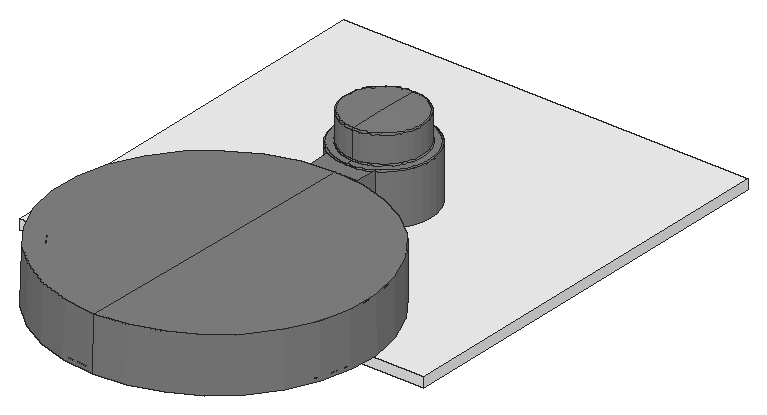
Revit family "BE_99401_de_DE", category Leuchten, Revit 2015
Parameters (values of type "BEGA_99401_Grafit_K3")
  built-in parameter 1150104 = 10.78 (stored number, unit not read)
  Windangriffsfläche = "0.03 m²"
  Werkzeuglos = ""
  Wattage = 21.2 W
  Default Elevation = 0 mm
  built-in parameter 1150113 = 1 (stored number, unit not read)
  built-in parameter 1114218 = 1 (stored number, unit not read)
  Umgebungstemperatur = "25 °C"
  URL = "http://www.bega.de/produkt/99401"
  Typenkommentare = "© 2016 BEGA. Wir behalten uns das Recht vor, technische Änderungen ohne vorherige Ankündigung vorzunehmen."  # constant formula
  Type Image = 99401.png
  built-in parameter 1150134 = (empty or 0)
  built-in parameter 1150109 = 1 (stored number, unit not read)
  Strom = ""
  built-in parameter 1150110 = 1 (stored number, unit not read)
  Spannung = 239.996 V
  Sonderanfertigung = no
  Seriennummer [instance] = "Hier können Sie die eindeutige Seriennummer für das Facility Management eintragen."
  Schutzklasse = "I"
  Schutzart = "IP 65"
  Scheinlast = 0 VA
  Produktdatenblatt = "http://www.bega.de/download/Xrfa/db/99401.db.de.pdf"
  Oberflächentemperatur = ""
  Neigungswinkel = 0.00°
  Modell = "99401K3"
  Material_17 = BEGA_Reflektor
  Material_15 = BEGA_Leuchtmedium_matt
  Material_11 = BEGA_Glas_opal
  Material_10 = BEGA_Glas_matt
  Material_09 = BEGA_Glas_klar
  Material_06 = BEGA_Oberfläche_Edelstahl_gebürstet
  Material_03 = BEGA_Oberfläche_Weiss_matt
  Material_02 = BEGA_Oberfläche_Silber_matt
  Material_01 [instance] = BEGA_Oberfläche_Grafit_matt
  Mastzopfhöhe_h = ""
  Mastzopfdurchmesser_d = ""
  Mastzopf_Ø [instance] = "76 mm"  # constant formula
  Masthöhe_H = ""
  Mastdurchmesser_unten_Ø = ""
  Mast Gruppe = ""
  M_W = no
  M_G = yes
  M_A = no
  Logo = 0
  built-in parameter 1114217 = 1 (stored number, unit not read)
  built-in parameter 1150139 = (empty or 0)
  built-in parameter 1150105 = 195.76 (stored number, unit not read)
  built-in parameter 1150114 = 1 (stored number, unit not read)
  Lumens = 2460.05 lm
  Lichtpunkthöhe [instance] = ""
  built-in parameter 1150115 = 1 (stored number, unit not read)
  Leuchtenlichtstrom = "1590 lm"
  Leuchtenanzahl = ""
  Lebensdauerkriterien = "L70 = 50.000 h"
  Lastklassifizierung = Beleuchtung
  built-in parameter 1150112 = 1 (stored number, unit not read)
  Lampenlichtstrom = "2460 lm"
  Lampe = "LED 21.2 W"
  LED_Modulbezeichnung = "4x LED-0299/830 "
  built-in parameter 1150142 = (empty or 0)
  Hersteller = "BEGA"  # constant formula
  Halbstreuwinkel = ""
  Gewicht = "3.95 kg"
  Frequenz = "0/50-60 Hz"
  Farbwiedergabeindex = "Ra > 80"
  Farbtemperaturverschiebung bei Dämpfen der Lampe = <Keine Auswahl>
  Farbtemperatur = "3000 K"
  Color Filter = 16777215
  Erdstücklänge_E = ""
  built-in parameter 1150133 = 10 (stored number, unit not read)
  Energieeffizienzklasse = "LED A++ - A"
  Einstecktiefe = "50 mm"
  built-in parameter 1150137 = (empty or 0)
  built-in parameter 1150132 = (empty or 0)
  Einbauöffnung = ""
  Einbautiefe = ""
  ENEC = "ja"
  Durchmesser_Fussplatte_D = ""
  Datei für fotometrisches Netz = "BE_99401K3.IES"
  CE_Konformität = "ja"
  Bestellnummer = "99401K3"
  Beschreibung_Sonderanfertigung = "Hier können Sie Informationen zur Sonderanfertigung eintragen."
  Beschreibung = "Aufsatzleuchte"
  built-in parameter 1150106 = 1.9576 (stored number, unit not read)
  Befestigungsbohrung = ""
  Befestigungsabstand = ""
  BEGA_Intern_aus = yes
  BEGA_Intern_an = yes
  BEGA_Intern_Konstruktion = yes
  BEGA_Intern = yes
  BEGA_IES3 = yes
  BEGA_IES2 = yes
  BEGA_IES1 = yes
  BEGA_IES = yes
  BEGA_Dummy = no
  Anschlussleitung = "5.0 m H05RN-F 3 × 1²"
  Anschlussleistung [instance] = "25.5 W"
  built-in parameter 1150107 = 3000 (stored number, unit not read)
  built-in parameter 1150102 = (empty or 0)
  built-in parameter 1150138 = (empty or 0)
  Aktualisierung = "2016-10-11T04:14:01"
  Abstand_zur_angestrahlten_Fläche [instance] = ""
  AC/DC = "AC/DC"
Types (4, lengths in mm): name | built-in parameter 1150104 | Wattage | built-in parameter 1150134 | Modell | M_G | M_A | built-in parameter 1150105 | Lumens | Leuchtenlichtstrom | Lampenlichtstrom | LED_Modulbezeichnung | Farbtemperatur | Datei für fotometrisches Netz | Bestellnummer | built-in parameter 1150106 | built-in parameter 1150107
  BEGA_99401_Grafit_K3 | 10.78 (stored number, unit not read) | 21.2 W | (empty or 0) | "99401K3" | yes | no | 195.76 (stored number, unit not read) | 2460.05 lm | "1590 lm" | "2460 lm" | "4x LED-0299/830 " | "3000 K" | "BE_99401K3.IES" | "99401K3" | 1.9576 (stored number, unit not read) | 3000 (stored number, unit not read)
  BEGA_99401_Grafit_K4 | 11.569 (stored number, unit not read) | 21.2 W | 12 | "99401" | yes | no | 210.09 (stored number, unit not read) | 2640.04 lm | "1728 lm" | "2640 lm" | "4x LED-0299/840 " | "4000 K" | "BE_99401.IES" | "99401" | 2.1009 (stored number, unit not read) | 4000 (stored number, unit not read)
  BEGA_99401_Silber_K3 | 10.78 (stored number, unit not read) | 21.1 W | (empty or 0) | "99401AK3" | no | yes | 194.84 (stored number, unit not read) | 2448.44 lm | "1590 lm" | "2460 lm" | "4x LED-0299/830 " | "3000 K" | "BE_99401K3.IES" | "99401AK3" | 1.9484 (stored number, unit not read) | 3000 (stored number, unit not read)
  BEGA_99401_Silber_K4 | 11.569 (stored number, unit not read) | 21.2 W | 12 | "99401A" | no | yes | 210.09 (stored number, unit not read) | 2640.04 lm | "1728 lm" | "2640 lm" | "4x LED-0299/840 " | "4000 K" | "BE_99401.IES" | "99401A" | 2.1009 (stored number, unit not read) | 4000 (stored number, unit not read)
Reference planes
  plane 1 "Mitte (Vorne/Hinten)": y = 0
  plane 2: z = 0
  plane 3 "Mitte (Links/Rechts)": x = 0
  plane 4 "Links": x = -150.016
  plane 5 "Rechts": x = 150.016
  plane 6 "Unten": y = -359.989
  plane 7 "Oben": y = 46.5
  plane 8 "Vorne": z = 79.233
  plane 9 "Hinten": z = -20
Forms (mm)
  Extrusion 1, solid, material "BEGA_Platte_Weiss"
    sketch origin (0, -1119.2, 0) x (1, 0, 0) y (0, 1, 0)
      loop
        line (-200, 1319.2) -> (-200, 919.2) -> (200, 919.2) -> (200, 1319.2) -> (-200, 1319.2)
    from 0 to -10
  Extrusion 2, solid, material "BEGA_Dummy_matt", visible <- "BEGA_Dummy"
    sketch origin (80.095, -76.023, 0) x (1, 0, 0) y (0, 1, 0)
      loop
        line (-230.111, 122.523) -> (-230.111, -283.966) -> (69.92, -283.966) -> (69.92, 122.523) -> (-230.111, 122.523)
    from 0 to 79.233
Dimensions and locks
  plane 1 "Mitte (Vorne/Hinten)" to Extrusion 1 = 200 mm
  aligned and locked: plane 2 to Extrusion 1
  aligned and locked: level to Extrusion 1
Nested families
  nested 1: "BE_99401" at (0, -210.012, 0) x (0, 1, 0) z (0, 0, 1), type "BE_99401"
Connectors
  electrical at (0, 0, 0), driven by "Lastklassifizierung", driven by "Spannung", driven by "Scheinlast"
    settings: index 1, voltage 239.996 V, apparent load 0 VA, apparent load phase1 0 VA, apparent load phase2 0 VA, apparent load phase3 0 VA, power factor 1, load classification "Beleuchtung", number of poles 1, system type 31, power factor state 1, is connector primary yes, connector utility no, sub classification motor no, connector description ""
Definition of nested family "BE_99401"
  Parameters (values of type "BE_99401")
    Default Elevation = 1 mm
    URL = "http://www.bega.de/de/produkt"
    Type Comments = "© 2015 BEGA. Wir behalten uns das Recht vor, technische Änderungen ohne vorherige Ankündigung vorzunehmen. "  # constant formula
    Type Image = (empty or 0)
    Material_17 = none
    Material_15 = none
    Material_11 = none
    Material_10 = none
    Material_09 = none
    Material_06 = none
    Material_03 = none
    Material_02 = none
    Material_01 = none
    M_W = yes
    M_G = yes
    M_A = yes
    Länge_Platte = 600 mm  # constant formula
    Höhe_Platte = -10 mm  # constant formula
    Manufacturer = "BEGA"  # constant formula
    Breite_Platte = 400 mm  # constant formula
  Reference planes
    plane 1 "Mitte (Oben/Unten)": y = 0
    plane 2: z = 0
    plane 3 "Mitte (Links/Rechts)": x = 0
    plane 4 "Vorne": z = 79.233
    plane 5 "Hinten": z = -19.426
    plane 6 "Unten": y = -150.016
    plane 7: x = -149.977
    plane 8: x = 256.512
    plane 9: y = 150.016
  Forms (mm)
    Extrusion 1, solid, detail levels medium
      sketch origin (0, 0, 0) x (1, 0, 0) y (0, 1, 0)
        loop
          line (-300, 200) -> (-300, -200) -> (300, -200) -> (300, 200) -> (-300, 200)
      from 0 to -10 <- "Höhe_Platte"
    Revolve 2, solid, material <- "Material_01", visible <- "M_G", detail levels medium+fine
      sketch origin (0, 0, 0) x (0.999848, 0, -0.017452) y (0.017452, 0, 0.999848)
        loop
          line (-150, 0) -> (-146.753, 0) -> (-146.425, 18.8) -> (-131.5, 18.8) -> (-131.02, 46.3) -> (0, 46.3) -> (0, 53) -> (-149.075, 53) -> (-150, 0)
        axis (0, 53) -> (0, 0)
      angle from 0 to 360
    Revolve 3, solid, material <- "Material_01", visible <- "M_G", detail levels medium+fine
      sketch origin (0, 0, 0) x (0.999848, 0, -0.017452) y (0.017452, 0, 0.999848)
        loop
          line (146.087, 8.3) -> (128.675, 8.3) -> (128.493, 3.1) -> (124.364, 3.1) -> (124.45, 1.447)
          arc (124.45, 1.447) -> (124.762, 0.773) -> (125.452, 0.5) r 1
          line (125.452, 0.5) -> (144.848, 0.5)
          arc (144.848, 0.5) -> (145.543, 0.78) -> (145.849, 1.465) r 1
          line (145.849, 1.465) -> (146.087, 8.3)
        axis (0, 0.5) -> (0, 8.3)
      angle from 0 to 360
    Revolve 4, solid, material <- "Material_10", detail levels medium+fine
      sketch origin (0, 0, 0) x (0.999848, 0, -0.017452) y (0.017452, 0, 0.999848)
        loop
          line (-128, 7.4) -> (-128, 3.4) -> (0, 3.4) -> (0, 7.4) -> (-128, 7.4)
        axis (0, 7.4) -> (0, 3.4)
      angle from 0 to 360
    Revolve 5, solid, material <- "Material_01", visible <- "M_G", detail levels medium+fine
      sketch origin (0, 0, 0) x (0.999848, 0, -0.017452) y (0.017452, 0, 0.999848)
        loop
          line (256.812, -14.947) -> (255.607, 54.077)
          arc (255.607, 54.077) -> (255.315, 54.766) -> (254.626, 55.06) r 1
          line (254.626, 55.06) -> (248.051, 55.174)
          arc (248.051, 55.174) -> (247.362, 55.467) -> (247.07, 56.157) r 1
          line (247.07, 56.157) -> (246.62, 81.908)
          arc (246.62, 81.908) -> (246.321, 82.603) -> (245.62, 82.89) r 1
          line (245.62, 82.89) -> (208.597, 82.89) -> (208.659, 79.349) -> (239.682, 79.89)
          arc (239.682, 79.89) -> (241.06, 79.34) -> (241.68, 77.992) r 2
          line (241.68, 77.992) -> (243.157, 49.791)
          arc (243.157, 49.791) -> (243.474, 49.111) -> (244.174, 48.843) r 1
          line (244.174, 48.843) -> (246.714, 48.887)
          arc (246.714, 48.887) -> (247.419, 48.613) -> (247.731, 47.923) r 1
          line (247.731, 47.923) -> (249.93, -15.067) -> (256.812, -14.947)
        axis (208.597, 82.89) -> (210.319, -15.758)
      angle from 0 to 360
    Extrusion 6, solid, material <- "Material_01", visible <- "M_G", detail levels medium+fine
      sketch origin (0, 0, 0) x (0.999848, 0, -0.017452) y (0, 1, 0)
        loop
          arc (147.345, 22.644) -> (148.642, 11.355) -> (149.075, 0) r 149.075
          arc (149.075, 0) -> (148.642, -11.355) -> (147.345, -22.644) r 149.075
          line (147.345, -22.644) -> (170.134, -23.439)
          arc (170.134, -23.439) -> (163.797, 0) -> (170.134, 23.439) r 46.522
          line (170.134, 23.439) -> (147.345, 22.644)
      from 1.885 to 53
    Revolve 7, void
      sketch origin (-0.146, 0, -8.367) x (0.999848, 0, -0.017452) y (0, 1, 0)
        loop
          line (210.319, -37.973) -> (206.13, -37.973) -> (206.13, -47.514) -> (210.319, -47.514) -> (210.319, -37.973)
        axis (210.319, -47.514) -> (210.319, -37.973)
      angle from 0 to 360
    Revolve 8, void
      sketch origin (315.285, 182.142, -13.873) x (-0.499924, -0.866025, 0.008726) y (0.865894, -0.5, -0.015114)
        loop
          line (210.319, -37.973) -> (206.13, -37.973) -> (206.13, -47.514) -> (210.319, -47.514) -> (210.319, -37.973)
        axis (210.319, -47.514) -> (210.319, -37.973)
      angle from 0 to 360
    Revolve 9, void
      sketch origin (315.285, -182.142, -13.873) x (-0.499924, 0.866025, 0.008726) y (-0.865894, -0.5, 0.015114)
        loop
          line (210.319, -37.973) -> (206.13, -37.973) -> (206.13, -47.514) -> (210.319, -47.514) -> (210.319, -37.973)
        axis (210.319, -47.514) -> (210.319, -37.973)
      angle from 0 to 360
    Extrusion 10, solid, material <- "Material_06", detail levels fine
      sketch origin (0, 0, 0) x (0.999848, 0, -0.017452) y (0.017452, 0, 0.999848)
        loop
          circle (210.319, -8.368) r 4
      from 37.828 to 46.437
    Extrusion 11, solid, material <- "Material_06", detail levels fine
      sketch origin (315.431, 182.142, -5.506) x (-0.499924, -0.866025, 0.008726) y (0.017452, 0, 0.999848)
        loop
          circle (210.319, -8.368) r 4
      from 37.828 to 46.437
    Extrusion 12, solid, material <- "Material_06", detail levels fine
      sketch origin (315.431, -182.142, -5.506) x (-0.499924, 0.866025, 0.008726) y (0.017452, 0, 0.999848)
        loop
          circle (210.319, -8.368) r 4
      from 37.828 to 46.437
    Revolve 13, void
      sketch origin (0, 0, 0) x (0.999848, 0, -0.017452) y (0.017452, 0, 0.999848)
        loop
          line (-135.5, 0.3) -> (-135.5, 3.748) -> (-140.262, 3.748) -> (-140.262, 0.3) -> (-135.5, 0.3)
        axis (-135.5, 3.748) -> (-135.5, 0.3)
      angle from 0 to 360
    Revolve 14, void
      sketch origin (0, 0, 0) x (-0.499924, -0.866025, 0.008726) y (0.017452, 0, 0.999848)
        loop
          line (-135.5, 0.3) -> (-135.5, 3.748) -> (-140.262, 3.748) -> (-140.262, 0.3) -> (-135.5, 0.3)
        axis (-135.5, 3.748) -> (-135.5, 0.3)
      angle from 0 to 360
    Revolve 15, void
      sketch origin (0, 0, 0) x (-0.499924, 0.866025, 0.008726) y (0.017452, 0, 0.999848)
        loop
          line (-135.5, 0.3) -> (-135.5, 3.748) -> (-140.262, 3.748) -> (-140.262, 0.3) -> (-135.5, 0.3)
        axis (-135.5, 3.748) -> (-135.5, 0.3)
      angle from 0 to 360
    Revolve 16, solid, material <- "Material_06", detail levels fine
      sketch origin (0, 0, 0) x (0.999848, 0, -0.017452) y (0.017452, 0, 0.999848)
        loop
          line (-135.5, 3.748) -> (-139.75, 3.748) -> (-139.75, 0.3) -> (-135.5, 0.3) -> (-135.5, 3.748)
        axis (-135.5, 3.748) -> (-135.5, 0.3)
      angle from 0 to 360
    Revolve 17, solid, material <- "Material_06", detail levels fine
      sketch origin (0, 0, 0) x (-0.499924, -0.866025, 0.008726) y (0.017452, 0, 0.999848)
        loop
          line (-135.5, 3.748) -> (-139.75, 3.748) -> (-139.75, 0.3) -> (-135.5, 0.3) -> (-135.5, 3.748)
        axis (-135.5, 3.748) -> (-135.5, 0.3)
      angle from 0 to 360
    Revolve 18, solid, material <- "Material_06", detail levels fine
      sketch origin (0, 0, 0) x (-0.499924, 0.866025, 0.008726) y (0.017452, 0, 0.999848)
        loop
          line (-135.5, 3.748) -> (-139.75, 3.748) -> (-139.75, 0.3) -> (-135.5, 0.3) -> (-135.5, 3.748)
        axis (-135.5, 3.748) -> (-135.5, 0.3)
      angle from 0 to 360
    Revolve 19, solid, material <- "Material_02", visible <- "M_A", detail levels medium+fine
      sketch origin (0, 0, 0) x (0.999848, 0, -0.017452) y (0.017452, 0, 0.999848)
        loop
          line (-150, 0) -> (-146.753, 0) -> (-146.425, 18.8) -> (-131.5, 18.8) -> (-131.02, 46.3) -> (0, 46.3) -> (0, 53) -> (-149.075, 53) -> (-150, 0)
        axis (0, 53) -> (0, 0)
      angle from 0 to 360
    Revolve 20, solid, material <- "Material_02", visible <- "M_A", detail levels medium+fine
      sketch origin (0, 0, 0) x (0.999848, 0, -0.017452) y (0.017452, 0, 0.999848)
        loop
          line (146.087, 8.3) -> (128.675, 8.3) -> (128.493, 3.1) -> (124.364, 3.1) -> (124.45, 1.447)
          arc (124.45, 1.447) -> (124.762, 0.773) -> (125.452, 0.5) r 1
          line (125.452, 0.5) -> (144.848, 0.5)
          arc (144.848, 0.5) -> (145.543, 0.78) -> (145.849, 1.465) r 1
          line (145.849, 1.465) -> (146.087, 8.3)
        axis (0, 0.5) -> (0, 8.3)
      angle from 0 to 360
    Revolve 21, solid, material <- "Material_02", visible <- "M_A", detail levels medium+fine
      sketch origin (0, 0, 0) x (0.999848, 0, -0.017452) y (0.017452, 0, 0.999848)
        loop
          line (256.812, -14.947) -> (255.607, 54.077)
          arc (255.607, 54.077) -> (255.315, 54.766) -> (254.626, 55.06) r 1
          line (254.626, 55.06) -> (248.051, 55.174)
          arc (248.051, 55.174) -> (247.362, 55.467) -> (247.07, 56.157) r 1
          line (247.07, 56.157) -> (246.62, 81.908)
          arc (246.62, 81.908) -> (246.321, 82.603) -> (245.62, 82.89) r 1
          line (245.62, 82.89) -> (208.597, 82.89) -> (208.659, 79.349) -> (239.682, 79.89)
          arc (239.682, 79.89) -> (241.06, 79.34) -> (241.68, 77.992) r 2
          line (241.68, 77.992) -> (243.157, 49.791)
          arc (243.157, 49.791) -> (243.474, 49.111) -> (244.174, 48.843) r 1
          line (244.174, 48.843) -> (246.714, 48.887)
          arc (246.714, 48.887) -> (247.419, 48.613) -> (247.731, 47.923) r 1
          line (247.731, 47.923) -> (249.93, -15.067) -> (256.812, -14.947)
        axis (208.597, 82.89) -> (210.319, -15.758)
      angle from 0 to 360
    Extrusion 22, solid, material <- "Material_02", visible <- "M_A", detail levels medium+fine
      sketch origin (0, 0, 0) x (0.999848, 0, -0.017452) y (0, 1, 0)
        loop
          arc (147.345, 22.644) -> (148.642, 11.355) -> (149.075, 0) r 149.075
          arc (149.075, 0) -> (148.642, -11.355) -> (147.345, -22.644) r 149.075
          line (147.345, -22.644) -> (170.134, -23.439)
          arc (170.134, -23.439) -> (163.797, 0) -> (170.134, 23.439) r 46.522
          line (170.134, 23.439) -> (147.345, 22.644)
      from 1.885 to 53
  Cuts and joins
    Revolve 7, Revolve 8, Revolve 9 cuts Revolve 5
    Revolve 7, Revolve 8, Revolve 9 cuts Extrusion 6
    joined: Revolve 5, Extrusion 6
    Revolve 13, Revolve 14, Revolve 15 cuts Revolve 3
    Revolve 13, Revolve 14, Revolve 15 cuts Revolve 20
    Revolve 7, Revolve 8, Revolve 9 cuts Revolve 21
    joined: Revolve 21, Extrusion 22
  Dimensions and locks
    equal spacing: Extrusion 1 sketch curve, plane 3 "Mitte (Links/Rechts)", Extrusion 1 sketch curve
    equal spacing: Extrusion 1 sketch curve, plane 1 "Mitte (Oben/Unten)", Extrusion 1 sketch curve
    "Länge_Platte": Extrusion 1 sketch curve to Extrusion 1 sketch curve
    "Breite_Platte": Extrusion 1 sketch curve to Extrusion 1 sketch curve
    aligned and locked: Extrusion 1 to plane 2
    aligned and locked: level to Extrusion 1
  Automatic sketch dimensions
    level to Revolve 2 sketch curve = 2.618 mm
    Revolve 2 sketch curve to Revolve 2 sketch curve = 0.925 mm
    Revolve 2 sketch curve to Revolve 2 sketch curve = 3.247 mm
    Revolve 2 sketch curve to Revolve 2 sketch curve = 0.328 mm
    Revolve 2 sketch curve to Revolve 2 sketch curve = 14.925 mm
    Revolve 2 sketch curve to Revolve 2 sketch curve = 18.055 mm
    Revolve 2 sketch curve to Revolve 2 sketch curve = 131.02 mm
    Revolve 2 sketch curve to Revolve 2 sketch curve = 18.8 mm
    Revolve 2 sketch curve to Revolve 2 sketch curve = 0 mm  (x3)
    Revolve 2 sketch curve to Revolve 2 sketch curve = 27.5 mm
    Revolve 2 sketch curve to Revolve 2 sketch curve = 6.7 mm  (x2)
    Revolve 2 sketch curve to Revolve 2 sketch curve = 9.349 mm
    Revolve 2 sketch curve to Revolve 2 sketch curve = 10.677 mm
    level to Revolve 3 sketch curve = 0.929 mm
    Revolve 3 sketch curve to Revolve 3 sketch curve = 0.087 mm
    Revolve 3 sketch curve to Revolve 3 sketch curve = 0.999 mm  (x2)
    Revolve 3 sketch curve to Revolve 3 sketch curve = 0.003 mm
    Revolve 3 sketch curve to Revolve 3 sketch curve = 3.044 mm
    Revolve 3 sketch curve to Revolve 3 sketch curve = 0.182 mm
    Revolve 3 sketch curve to Revolve 3 sketch curve = 16.355 mm
    Revolve 3 sketch curve to Revolve 3 sketch curve = 0.001 mm
    Revolve 3 sketch curve to Revolve 3 sketch curve = 1.238 mm
    Revolve 3 sketch curve to Revolve 3 sketch curve = 1.6 mm  (x2)
    Revolve 3 sketch curve to Revolve 3 sketch curve = 0 mm  (x3)
    Revolve 3 sketch curve to Revolve 3 sketch curve = 0.053 mm
    Revolve 3 sketch curve to Revolve 3 sketch curve = 1 mm
    Revolve 3 sketch curve to Revolve 3 sketch curve = 5.2 mm
    Revolve 3 sketch curve to Revolve 3 sketch curve = 124.364 mm
    Revolve 3 sketch curve to Revolve 3 sketch curve = 5 mm
    Revolve 3 sketch curve to Revolve 3 sketch curve = 20.7 mm
    level to Revolve 4 sketch curve = 5.633 mm
    Revolve 4 sketch curve to Revolve 4 sketch curve = 0 mm  (x3)
    Revolve 4 sketch curve to Revolve 4 sketch curve = 128 mm
    Revolve 4 sketch curve to Revolve 4 sketch curve = 4 mm  (x2)
    Revolve 4 sketch curve to Revolve 4 sketch curve = 5.591 mm
    Revolve 4 sketch curve to Revolve 4 sketch curve = 1.69 mm
    level to Revolve 5 sketch curve = 79.237 mm
    Revolve 5 sketch curve to Revolve 5 sketch curve = 0.062 mm
    Revolve 5 sketch curve to Revolve 5 sketch curve = 31.023 mm
    Revolve 5 sketch curve to Revolve 5 sketch curve = 0 mm  (x8)
    Revolve 5 sketch curve to Revolve 5 sketch curve = 1.997 mm
    Revolve 5 sketch curve to Revolve 5 sketch curve = 1.478 mm
    Revolve 5 sketch curve to Revolve 5 sketch curve = 0.999 mm  (x2)
    Revolve 5 sketch curve to Revolve 5 sketch curve = 0.017 mm  (x4)
    Revolve 5 sketch curve to Revolve 5 sketch curve = 3.941 mm
    Revolve 5 sketch curve to Revolve 5 sketch curve = 1 mm  (x3)
    Revolve 5 sketch curve to Revolve 5 sketch curve = 2.54 mm
    Revolve 5 sketch curve to Revolve 5 sketch curve = 2.913 mm
    Revolve 5 sketch curve to Revolve 5 sketch curve = 0.982 mm  (x2)
    Revolve 5 sketch curve to Revolve 5 sketch curve = 2.2 mm
    Revolve 5 sketch curve to Revolve 5 sketch curve = 6.556 mm
    Revolve 5 sketch curve to Revolve 5 sketch curve = 0.019 mm
    Revolve 5 sketch curve to Revolve 5 sketch curve = 6.882 mm
    Revolve 5 sketch curve to Revolve 5 sketch curve = 0.983 mm
    Revolve 5 sketch curve to Revolve 5 sketch curve = 2 mm
    Revolve 5 sketch curve to Revolve 5 sketch curve = 1.898 mm
    Revolve 5 sketch curve to Revolve 5 sketch curve = 21.818 mm
    Revolve 5 sketch curve to Revolve 5 sketch curve = 0.115 mm
    Revolve 5 sketch curve to Revolve 5 sketch curve = 5.332 mm
    Revolve 5 sketch curve to Revolve 5 sketch curve = 0.051 mm
    Revolve 5 sketch curve to Revolve 5 sketch curve = 0.044 mm
    Revolve 5 sketch curve to Revolve 5 sketch curve = 0.964 mm
    Revolve 5 sketch curve to Revolve 5 sketch curve = 62.87 mm
    Extrusion 6 sketch curve to Extrusion 6 sketch curve = 0 mm  (x2)
    plane 1 "Mitte (Oben/Unten)" to Extrusion 6 sketch curve = 0 mm  (x2)
    Extrusion 6 sketch curve to plane 1 "Mitte (Oben/Unten)" = 22.644 mm
    Extrusion 6 sketch curve to Extrusion 6 sketch curve = 147.345 mm
    plane 1 "Mitte (Oben/Unten)" to Extrusion 6 sketch curve = 22.644 mm
    Extrusion 6 sketch curve to plane 1 "Mitte (Oben/Unten)" = 23.439 mm
    Extrusion 6 sketch curve to Extrusion 6 sketch curve = 22.788 mm
    plane 1 "Mitte (Oben/Unten)" to Extrusion 6 sketch curve = 23.439 mm
    Extrusion 6 sketch curve to Extrusion 6 sketch curve = 40.186 mm
    plane 1 "Mitte (Oben/Unten)" to Revolve 7 sketch curve = 37.973 mm
    Revolve 7 sketch curve to Revolve 7 sketch curve = 4.189 mm
    Revolve 7 sketch curve to Revolve 7 sketch curve = 9.542 mm
    Revolve 7 sketch curve to Revolve 7 sketch curve = 0 mm  (x3)
    Revolve 8 sketch curve to plane 1 "Mitte (Oben/Unten)" = 22.615 mm
    Revolve 8 sketch curve to Revolve 8 sketch curve = 4.189 mm
    Revolve 8 sketch curve to Revolve 8 sketch curve = 9.542 mm
    Revolve 8 sketch curve to Revolve 8 sketch curve = 0 mm  (x3)
    Revolve 9 sketch curve to plane 1 "Mitte (Oben/Unten)" = 15.358 mm
    Revolve 9 sketch curve to Revolve 9 sketch curve = 4.189 mm
    Revolve 9 sketch curve to Revolve 9 sketch curve = 9.542 mm
    Revolve 9 sketch curve to Revolve 9 sketch curve = 0 mm  (x3)
    Extrusion 10 sketch curve to level = 12.038 mm
    level to Revolve 13 sketch curve = 2.748 mm
    Revolve 13 sketch curve to Revolve 13 sketch curve = 4.762 mm
    Revolve 13 sketch curve to Revolve 13 sketch curve = 3.448 mm
    Revolve 13 sketch curve to Revolve 13 sketch curve = 0 mm  (x3)
    Revolve 14 sketch curve to Revolve 14 sketch curve = 4.762 mm
    Revolve 14 sketch curve to Revolve 14 sketch curve = 3.448 mm
    Revolve 14 sketch curve to Revolve 14 sketch curve = 0 mm  (x3)
    Revolve 15 sketch curve to Revolve 15 sketch curve = 4.762 mm
    Revolve 15 sketch curve to Revolve 15 sketch curve = 3.448 mm
    Revolve 15 sketch curve to Revolve 15 sketch curve = 0 mm  (x3)
    level to Revolve 16 sketch curve = 6.186 mm
    Revolve 16 sketch curve to Revolve 16 sketch curve = 4.25 mm
    Revolve 16 sketch curve to Revolve 16 sketch curve = 3.448 mm
    Revolve 16 sketch curve to Revolve 16 sketch curve = 0 mm  (x3)
    Revolve 17 sketch curve to Revolve 17 sketch curve = 4.25 mm
    Revolve 17 sketch curve to Revolve 17 sketch curve = 3.448 mm
    Revolve 17 sketch curve to Revolve 17 sketch curve = 0 mm  (x3)
    Revolve 18 sketch curve to Revolve 18 sketch curve = 4.25 mm
    Revolve 18 sketch curve to Revolve 18 sketch curve = 3.448 mm
    Revolve 18 sketch curve to Revolve 18 sketch curve = 0 mm  (x3)
    level to Revolve 19 sketch curve = 2.618 mm
    Revolve 19 sketch curve to Revolve 19 sketch curve = 0.925 mm
    Revolve 19 sketch curve to Revolve 19 sketch curve = 3.247 mm
    Revolve 19 sketch curve to Revolve 19 sketch curve = 0.328 mm
    Revolve 19 sketch curve to Revolve 19 sketch curve = 14.925 mm
    Revolve 19 sketch curve to Revolve 19 sketch curve = 18.055 mm
    Revolve 19 sketch curve to Revolve 19 sketch curve = 131.02 mm
    Revolve 19 sketch curve to Revolve 19 sketch curve = 18.8 mm
    Revolve 19 sketch curve to Revolve 19 sketch curve = 0 mm  (x3)
    Revolve 19 sketch curve to Revolve 19 sketch curve = 27.5 mm
    Revolve 19 sketch curve to Revolve 19 sketch curve = 6.7 mm  (x2)
    Revolve 19 sketch curve to Revolve 19 sketch curve = 9.349 mm
    Revolve 19 sketch curve to Revolve 19 sketch curve = 10.677 mm
    level to Revolve 20 sketch curve = 0.929 mm
    Revolve 20 sketch curve to Revolve 20 sketch curve = 0.087 mm
    Revolve 20 sketch curve to Revolve 20 sketch curve = 0.999 mm  (x2)
    Revolve 20 sketch curve to Revolve 20 sketch curve = 0.003 mm
    Revolve 20 sketch curve to Revolve 20 sketch curve = 3.044 mm
    Revolve 20 sketch curve to Revolve 20 sketch curve = 0.182 mm
    Revolve 20 sketch curve to Revolve 20 sketch curve = 16.355 mm
    Revolve 20 sketch curve to Revolve 20 sketch curve = 0.001 mm
    Revolve 20 sketch curve to Revolve 20 sketch curve = 1.238 mm
    Revolve 20 sketch curve to Revolve 20 sketch curve = 1.6 mm  (x2)
    Revolve 20 sketch curve to Revolve 20 sketch curve = 0 mm  (x3)
    Revolve 20 sketch curve to Revolve 20 sketch curve = 0.053 mm
    Revolve 20 sketch curve to Revolve 20 sketch curve = 1 mm
    Revolve 20 sketch curve to Revolve 20 sketch curve = 5.2 mm
    Revolve 20 sketch curve to Revolve 20 sketch curve = 124.364 mm
    Revolve 20 sketch curve to Revolve 20 sketch curve = 5 mm
    Revolve 20 sketch curve to Revolve 20 sketch curve = 20.7 mm
    level to Revolve 21 sketch curve = 79.237 mm
    Revolve 21 sketch curve to Revolve 21 sketch curve = 0.062 mm
    Revolve 21 sketch curve to Revolve 21 sketch curve = 31.023 mm
    Revolve 21 sketch curve to Revolve 21 sketch curve = 0 mm  (x8)
    Revolve 21 sketch curve to Revolve 21 sketch curve = 1.997 mm
    Revolve 21 sketch curve to Revolve 21 sketch curve = 1.478 mm
    Revolve 21 sketch curve to Revolve 21 sketch curve = 0.999 mm  (x2)
    Revolve 21 sketch curve to Revolve 21 sketch curve = 0.017 mm  (x4)
    Revolve 21 sketch curve to Revolve 21 sketch curve = 3.941 mm
    Revolve 21 sketch curve to Revolve 21 sketch curve = 1 mm  (x3)
    Revolve 21 sketch curve to Revolve 21 sketch curve = 2.54 mm
    Revolve 21 sketch curve to Revolve 21 sketch curve = 2.913 mm
    Revolve 21 sketch curve to Revolve 21 sketch curve = 0.982 mm  (x2)
    Revolve 21 sketch curve to Revolve 21 sketch curve = 2.2 mm
    Revolve 21 sketch curve to Revolve 21 sketch curve = 6.556 mm
    Revolve 21 sketch curve to Revolve 21 sketch curve = 0.019 mm
    Revolve 21 sketch curve to Revolve 21 sketch curve = 6.882 mm
    Revolve 21 sketch curve to Revolve 21 sketch curve = 0.983 mm
    Revolve 21 sketch curve to Revolve 21 sketch curve = 2 mm
    Revolve 21 sketch curve to Revolve 21 sketch curve = 1.898 mm
    Revolve 21 sketch curve to Revolve 21 sketch curve = 21.818 mm
    Revolve 21 sketch curve to Revolve 21 sketch curve = 0.115 mm
    Revolve 21 sketch curve to Revolve 21 sketch curve = 5.332 mm
    Revolve 21 sketch curve to Revolve 21 sketch curve = 0.051 mm
    Revolve 21 sketch curve to Revolve 21 sketch curve = 0.044 mm
    Revolve 21 sketch curve to Revolve 21 sketch curve = 0.964 mm
    Revolve 21 sketch curve to Revolve 21 sketch curve = 62.87 mm
    Extrusion 22 sketch curve to Extrusion 22 sketch curve = 0 mm  (x2)
    plane 1 "Mitte (Oben/Unten)" to Extrusion 22 sketch curve = 0 mm  (x2)
    Extrusion 22 sketch curve to plane 1 "Mitte (Oben/Unten)" = 22.644 mm
    Extrusion 22 sketch curve to Extrusion 22 sketch curve = 147.345 mm
    plane 1 "Mitte (Oben/Unten)" to Extrusion 22 sketch curve = 22.644 mm
    Extrusion 22 sketch curve to plane 1 "Mitte (Oben/Unten)" = 23.439 mm
    Extrusion 22 sketch curve to Extrusion 22 sketch curve = 22.788 mm
    plane 1 "Mitte (Oben/Unten)" to Extrusion 22 sketch curve = 23.439 mm
    Extrusion 22 sketch curve to Extrusion 22 sketch curve = 40.186 mm
    Revolve 2 sketch curve to plane 3 "Mitte (Links/Rechts)" = 149.977 mm
    Revolve 4 sketch curve to plane 3 "Mitte (Links/Rechts)" = 127.921 mm
    Revolve 13 sketch curve to plane 3 "Mitte (Links/Rechts)" = 140.235 mm
    Revolve 16 sketch curve to plane 3 "Mitte (Links/Rechts)" = 139.663 mm
    Revolve 19 sketch curve to plane 3 "Mitte (Links/Rechts)" = 149.977 mm
    plane 3 "Mitte (Links/Rechts)" to Revolve 3 sketch curve = 124.399 mm
    plane 3 "Mitte (Links/Rechts)" to Revolve 5 sketch curve = 210.012 mm
    plane 3 "Mitte (Links/Rechts)" to Extrusion 10 sketch curve = 210.141 mm
    plane 3 "Mitte (Links/Rechts)" to Revolve 20 sketch curve = 124.399 mm
    plane 3 "Mitte (Links/Rechts)" to Revolve 21 sketch curve = 210.012 mm
    radius of Extrusion 10 sketch curve = 4 mm
    radius of Extrusion 11 sketch curve = 4 mm
    radius of Extrusion 12 sketch curve = 4 mm
